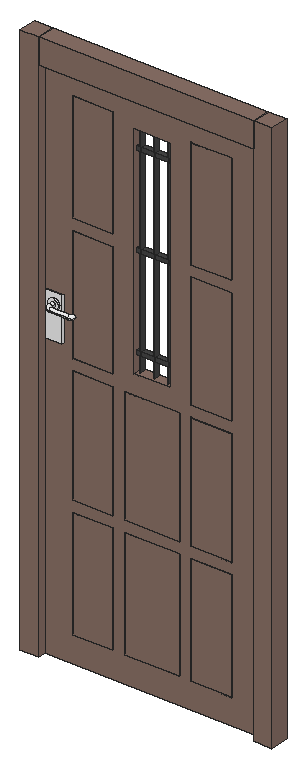
Revit family "DTI_A3-BSQTZMSOHS", category Doors, host Wall, Revit 2016 (continued)
Lines and regions (mm)
  model lines, style "Embossed carving"
    curve 2964: arc (-231.88, 35, 1526.26) -> (-229.476, 35, 1525.959) -> (-228.013, 35, 1524.028) r 3.118
    curve 2965: arc (-228.013, 35, 1524.028) -> (-227.651, 35, 1525.121) -> (-226.973, 35, 1526.053) r 3.748
  model lines, style "Embossed carving", not visible
    curve 46: arc (223.027, 35, 1907.002) -> (223.704, 35, 1907.934) -> (224.066, 35, 1909.028) r 3.748
    curve 47: arc (224.066, 35, 1909.028) -> (225.529, 35, 1907.096) -> (227.934, 35, 1906.795) r 3.118
    curve 48: arc (227.934, 35, 1906.795) -> (227.874, 35, 1905.323) -> (227.19, 35, 1904.018) r 3.36
    curve 49: arc (227.19, 35, 1904.018) -> (230.981, 35, 1902.707) -> (233.503, 35, 1905.828) r 3.491
    curve 50: arc (233.503, 35, 1905.828) -> (240.332, 35, 1903.642) -> (247.162, 35, 1905.828) r 11.764
    curve 51: arc (247.162, 35, 1905.828) -> (245.379, 35, 1903.524) -> (243.076, 35, 1901.741) r 11.531
    curve 52: arc (243.076, 35, 1901.741) -> (246.158, 35, 1900.751) -> (248.48, 35, 1898.494) r 7.098
    curve 53: arc (248.48, 35, 1898.494) -> (246.972, 35, 1895.731) -> (243.926, 35, 1894.936) r 3.966
    curve 54: arc (243.926, 35, 1894.936) -> (248.23, 35, 1886.02) -> (250.664, 35, 1876.423) r 49.267
    curve 55: arc (250.664, 35, 1876.423) -> (248.905, 35, 1866.202) -> (241.415, 35, 1859.028) r 16.574
    curve 56: arc (241.415, 35, 1859.028) -> (248.905, 35, 1851.853) -> (250.664, 35, 1841.632) r 16.574
    curve 57: arc (250.664, 35, 1841.632) -> (248.23, 35, 1832.035) -> (243.926, 35, 1823.119) r 49.267
    curve 58: arc (243.926, 35, 1823.119) -> (246.972, 35, 1822.324) -> (248.48, 35, 1819.561) r 3.966
    curve 59: arc (248.48, 35, 1819.561) -> (246.158, 35, 1817.305) -> (243.076, 35, 1816.314) r 7.098
    curve 60: arc (243.076, 35, 1816.314) -> (245.379, 35, 1814.531) -> (247.162, 35, 1812.227) r 11.531
    curve 61: arc (247.162, 35, 1812.227) -> (240.332, 35, 1814.413) -> (233.503, 35, 1812.227) r 11.764
    curve 62: arc (233.503, 35, 1812.227) -> (230.981, 35, 1815.348) -> (227.19, 35, 1814.038) r 3.491
    curve 63: arc (227.19, 35, 1814.038) -> (227.874, 35, 1812.733) -> (227.934, 35, 1811.26) r 3.36
    curve 64: arc (227.934, 35, 1811.26) -> (225.529, 35, 1810.959) -> (224.066, 35, 1809.028) r 3.118
    curve 65: arc (224.066, 35, 1809.028) -> (223.704, 35, 1810.121) -> (223.027, 35, 1811.053) r 3.748
    curve 66: arc (223.027, 35, 1907.002) -> (222.349, 35, 1907.934) -> (221.987, 35, 1909.028) r 3.748
    curve 67: arc (221.987, 35, 1909.028) -> (220.524, 35, 1907.096) -> (218.12, 35, 1906.795) r 3.118
    curve 68: arc (218.12, 35, 1906.795) -> (218.18, 35, 1905.323) -> (218.864, 35, 1904.018) r 3.36
    curve 69: arc (218.864, 35, 1904.018) -> (215.072, 35, 1902.707) -> (212.551, 35, 1905.828) r 3.491
    curve 70: arc (212.551, 35, 1905.828) -> (205.721, 35, 1903.642) -> (198.891, 35, 1905.828) r 11.764
    curve 71: arc (198.891, 35, 1905.828) -> (200.674, 35, 1903.524) -> (202.978, 35, 1901.741) r 11.531
    curve 72: arc (202.978, 35, 1901.741) -> (199.895, 35, 1900.751) -> (197.574, 35, 1898.494) r 7.098
    curve 73: arc (197.574, 35, 1898.494) -> (199.082, 35, 1895.731) -> (202.128, 35, 1894.936) r 3.966
    curve 74: arc (202.128, 35, 1894.936) -> (197.824, 35, 1886.02) -> (195.389, 35, 1876.423) r 49.267
    curve 75: arc (195.389, 35, 1876.423) -> (197.149, 35, 1866.202) -> (204.639, 35, 1859.028) r 16.574
    curve 76: arc (204.639, 35, 1859.028) -> (197.149, 35, 1851.853) -> (195.389, 35, 1841.632) r 16.574
    curve 77: arc (195.389, 35, 1841.632) -> (197.824, 35, 1832.035) -> (202.128, 35, 1823.119) r 49.267
    curve 78: arc (202.128, 35, 1823.119) -> (199.082, 35, 1822.324) -> (197.574, 35, 1819.561) r 3.966
    curve 79: arc (197.574, 35, 1819.561) -> (199.895, 35, 1817.305) -> (202.978, 35, 1816.314) r 7.098
    curve 80: arc (202.978, 35, 1816.314) -> (200.674, 35, 1814.531) -> (198.891, 35, 1812.227) r 11.531
    curve 81: arc (198.891, 35, 1812.227) -> (205.721, 35, 1814.413) -> (212.551, 35, 1812.227) r 11.764
    curve 82: arc (212.551, 35, 1812.227) -> (215.072, 35, 1815.348) -> (218.864, 35, 1814.038) r 3.491
    curve 83: arc (218.864, 35, 1814.038) -> (218.18, 35, 1812.733) -> (218.12, 35, 1811.26) r 3.36
    curve 84: arc (218.12, 35, 1811.26) -> (220.524, 35, 1810.959) -> (221.987, 35, 1809.028) r 3.118
    curve 85: arc (221.987, 35, 1809.028) -> (222.349, 35, 1810.121) -> (223.027, 35, 1811.053) r 3.748
    curve 1046: arc (223.027, -5, 1907.002) -> (223.704, -5, 1907.934) -> (224.066, -5, 1909.028) r 3.748
    curve 1047: arc (224.066, -5, 1909.028) -> (225.529, -5, 1907.096) -> (227.934, -5, 1906.795) r 3.118
    curve 1048: arc (227.934, -5, 1906.795) -> (227.874, -5, 1905.323) -> (227.19, -5, 1904.018) r 3.36
    curve 1049: arc (227.19, -5, 1904.018) -> (230.981, -5, 1902.707) -> (233.503, -5, 1905.828) r 3.491
    curve 1050: arc (233.503, -5, 1905.828) -> (240.332, -5, 1903.642) -> (247.162, -5, 1905.828) r 11.764
    curve 1051: arc (247.162, -5, 1905.828) -> (245.379, -5, 1903.524) -> (243.076, -5, 1901.741) r 11.531
    curve 1052: arc (243.076, -5, 1901.741) -> (246.158, -5, 1900.751) -> (248.48, -5, 1898.494) r 7.098
    curve 1053: arc (248.48, -5, 1898.494) -> (246.972, -5, 1895.731) -> (243.926, -5, 1894.936) r 3.966
    curve 1054: arc (243.926, -5, 1894.936) -> (248.23, -5, 1886.02) -> (250.664, -5, 1876.423) r 49.267
    curve 1055: arc (250.664, -5, 1876.423) -> (248.905, -5, 1866.202) -> (241.415, -5, 1859.028) r 16.574
    curve 1056: arc (241.415, -5, 1859.028) -> (248.905, -5, 1851.853) -> (250.664, -5, 1841.632) r 16.574
    curve 1057: arc (250.664, -5, 1841.632) -> (248.23, -5, 1832.035) -> (243.926, -5, 1823.119) r 49.267
    curve 1058: arc (243.926, -5, 1823.119) -> (246.972, -5, 1822.324) -> (248.48, -5, 1819.561) r 3.966
    curve 1059: arc (248.48, -5, 1819.561) -> (246.158, -5, 1817.305) -> (243.076, -5, 1816.314) r 7.098
    curve 1060: arc (243.076, -5, 1816.314) -> (245.379, -5, 1814.531) -> (247.162, -5, 1812.227) r 11.531
    curve 1061: arc (247.162, -5, 1812.227) -> (240.332, -5, 1814.413) -> (233.503, -5, 1812.227) r 11.764
    curve 1062: arc (233.503, -5, 1812.227) -> (230.981, -5, 1815.348) -> (227.19, -5, 1814.038) r 3.491
    curve 1063: arc (227.19, -5, 1814.038) -> (227.874, -5, 1812.733) -> (227.934, -5, 1811.26) r 3.36
    curve 1064: arc (227.934, -5, 1811.26) -> (225.529, -5, 1810.959) -> (224.066, -5, 1809.028) r 3.118
    curve 1065: arc (224.066, -5, 1809.028) -> (223.704, -5, 1810.121) -> (223.027, -5, 1811.053) r 3.748
    curve 1066: arc (223.027, -5, 1907.002) -> (222.349, -5, 1907.934) -> (221.987, -5, 1909.028) r 3.748
    curve 1067: arc (221.987, -5, 1909.028) -> (220.524, -5, 1907.096) -> (218.12, -5, 1906.795) r 3.118
    curve 1068: arc (218.12, -5, 1906.795) -> (218.18, -5, 1905.323) -> (218.864, -5, 1904.018) r 3.36
    curve 1069: arc (218.864, -5, 1904.018) -> (215.072, -5, 1902.707) -> (212.551, -5, 1905.828) r 3.491
    curve 1070: arc (212.551, -5, 1905.828) -> (205.721, -5, 1903.642) -> (198.891, -5, 1905.828) r 11.764
    curve 1071: arc (198.891, -5, 1905.828) -> (200.674, -5, 1903.524) -> (202.978, -5, 1901.741) r 11.531
    curve 1072: arc (202.978, -5, 1901.741) -> (199.895, -5, 1900.751) -> (197.574, -5, 1898.494) r 7.098
    curve 1073: arc (197.574, -5, 1898.494) -> (199.082, -5, 1895.731) -> (202.128, -5, 1894.936) r 3.966
    curve 1074: arc (202.128, -5, 1894.936) -> (197.824, -5, 1886.02) -> (195.389, -5, 1876.423) r 49.267
    curve 1075: arc (195.389, -5, 1876.423) -> (197.149, -5, 1866.202) -> (204.639, -5, 1859.028) r 16.574
    curve 1076: arc (204.639, -5, 1859.028) -> (197.149, -5, 1851.853) -> (195.389, -5, 1841.632) r 16.574
    curve 1077: arc (195.389, -5, 1841.632) -> (197.824, -5, 1832.035) -> (202.128, -5, 1823.119) r 49.267
    curve 1078: arc (202.128, -5, 1823.119) -> (199.082, -5, 1822.324) -> (197.574, -5, 1819.561) r 3.966
    curve 1079: arc (197.574, -5, 1819.561) -> (199.895, -5, 1817.305) -> (202.978, -5, 1816.314) r 7.098
    curve 1080: arc (202.978, -5, 1816.314) -> (200.674, -5, 1814.531) -> (198.891, -5, 1812.227) r 11.531
    curve 1081: arc (198.891, -5, 1812.227) -> (205.721, -5, 1814.413) -> (212.551, -5, 1812.227) r 11.764
    curve 1082: arc (212.551, -5, 1812.227) -> (215.072, -5, 1815.348) -> (218.864, -5, 1814.038) r 3.491
    curve 1083: arc (218.864, -5, 1814.038) -> (218.18, -5, 1812.733) -> (218.12, -5, 1811.26) r 3.36
    curve 1084: arc (218.12, -5, 1811.26) -> (220.524, -5, 1810.959) -> (221.987, -5, 1809.028) r 3.118
    curve 1085: arc (221.987, -5, 1809.028) -> (222.349, -5, 1810.121) -> (223.027, -5, 1811.053) r 3.748
    curve 1086: arc (223.027, 35, 1903.137) -> (223.704, 35, 1904.069) -> (224.066, 35, 1905.163) r 3.748
    curve 1087: arc (224.066, 35, 1905.163) -> (225.529, 35, 1903.231) -> (227.934, 35, 1902.93) r 3.118
    curve 1088: arc (227.934, 35, 1902.93) -> (227.874, 35, 1901.458) -> (227.19, 35, 1900.153) r 3.36
    curve 1089: arc (227.19, 35, 1900.153) -> (230.981, 35, 1898.842) -> (233.503, 35, 1901.963) r 3.491
    curve 1090: arc (233.503, 35, 1901.963) -> (240.332, 35, 1899.777) -> (247.162, 35, 1901.963) r 11.764
    curve 1091: arc (247.162, 35, 1901.963) -> (245.379, 35, 1899.66) -> (243.076, 35, 1897.877) r 11.531
    curve 1092: arc (243.076, 35, 1897.877) -> (246.158, 35, 1896.886) -> (248.48, 35, 1894.629) r 7.098
    curve 1093: arc (248.48, 35, 1894.629) -> (246.972, 35, 1891.866) -> (243.926, 35, 1891.072) r 3.966
    curve 1094: arc (243.926, 35, 1891.072) -> (248.23, 35, 1882.155) -> (250.664, 35, 1872.558) r 49.267
    curve 1095: arc (250.664, 35, 1872.558) -> (248.905, 35, 1862.337) -> (241.415, 35, 1855.163) r 16.574
    curve 1096: arc (241.415, 35, 1855.163) -> (248.905, 35, 1847.989) -> (250.664, 35, 1837.767) r 16.574
    curve 1097: arc (250.664, 35, 1837.767) -> (248.23, 35, 1828.17) -> (243.926, 35, 1819.254) r 49.267
    curve 1098: arc (243.926, 35, 1819.254) -> (246.972, 35, 1818.459) -> (248.48, 35, 1815.696) r 3.966
    curve 1099: arc (248.48, 35, 1815.696) -> (246.158, 35, 1813.44) -> (243.076, 35, 1812.449) r 7.098
    curve 1100: arc (243.076, 35, 1812.449) -> (245.379, 35, 1810.666) -> (247.162, 35, 1808.363) r 11.531
    curve 1101: arc (247.162, 35, 1808.363) -> (240.332, 35, 1810.548) -> (233.503, 35, 1808.363) r 11.764
    curve 1102: arc (233.503, 35, 1808.363) -> (230.981, 35, 1811.483) -> (227.19, 35, 1810.173) r 3.491
    curve 1103: arc (227.19, 35, 1810.173) -> (227.874, 35, 1808.868) -> (227.934, 35, 1807.396) r 3.36
    curve 1104: arc (227.934, 35, 1807.396) -> (225.529, 35, 1807.095) -> (224.066, 35, 1805.163) r 3.118
    curve 1105: arc (224.066, 35, 1805.163) -> (223.704, 35, 1806.257) -> (223.027, 35, 1807.189) r 3.748
    curve 1106: arc (223.027, 35, 1903.137) -> (222.349, 35, 1904.069) -> (221.987, 35, 1905.163) r 3.748
    curve 1107: arc (221.987, 35, 1905.163) -> (220.524, 35, 1903.231) -> (218.12, 35, 1902.93) r 3.118
    curve 1108: arc (218.12, 35, 1902.93) -> (218.18, 35, 1901.458) -> (218.864, 35, 1900.153) r 3.36
    curve 1109: arc (218.864, 35, 1900.153) -> (215.072, 35, 1898.842) -> (212.551, 35, 1901.963) r 3.491
    curve 1110: arc (212.551, 35, 1901.963) -> (205.721, 35, 1899.777) -> (198.891, 35, 1901.963) r 11.764
    curve 1111: arc (198.891, 35, 1901.963) -> (200.674, 35, 1899.66) -> (202.978, 35, 1897.877) r 11.531
    curve 1112: arc (202.978, 35, 1897.877) -> (199.895, 35, 1896.886) -> (197.574, 35, 1894.629) r 7.098
    curve 1113: arc (197.574, 35, 1894.629) -> (199.082, 35, 1891.866) -> (202.128, 35, 1891.072) r 3.966
    curve 1114: arc (202.128, 35, 1891.072) -> (197.824, 35, 1882.155) -> (195.389, 35, 1872.558) r 49.267
    curve 1115: arc (195.389, 35, 1872.558) -> (197.149, 35, 1862.337) -> (204.639, 35, 1855.163) r 16.574
    curve 1116: arc (204.639, 35, 1855.163) -> (197.149, 35, 1847.989) -> (195.389, 35, 1837.767) r 16.574
    curve 1117: arc (195.389, 35, 1837.767) -> (197.824, 35, 1828.17) -> (202.128, 35, 1819.254) r 49.267
    curve 1118: arc (202.128, 35, 1819.254) -> (199.082, 35, 1818.459) -> (197.574, 35, 1815.696) r 3.966
    curve 1119: arc (197.574, 35, 1815.696) -> (199.895, 35, 1813.44) -> (202.978, 35, 1812.449) r 7.098
    curve 1120: arc (202.978, 35, 1812.449) -> (200.674, 35, 1810.666) -> (198.891, 35, 1808.363) r 11.531
    curve 1121: arc (198.891, 35, 1808.363) -> (205.721, 35, 1810.548) -> (212.551, 35, 1808.363) r 11.764
    curve 1122: arc (212.551, 35, 1808.363) -> (215.072, 35, 1811.483) -> (218.864, 35, 1810.173) r 3.491
    curve 1123: arc (218.864, 35, 1810.173) -> (218.18, 35, 1808.868) -> (218.12, 35, 1807.396) r 3.36
    curve 1124: arc (218.12, 35, 1807.396) -> (220.524, 35, 1807.095) -> (221.987, 35, 1805.163) r 3.118
    curve 1125: arc (221.987, 35, 1805.163) -> (222.349, 35, 1806.257) -> (223.027, 35, 1807.189) r 3.748
Text (mm)
  text "Exterior" at (-2295.016, 1099.543, 0), in view "Ref. Level"
  text "Exterior" at (0, 1615.38, 3698.081), in view "Left"
  text "Exterior" at (0, 1036.032, 3874.932), in view "Right"
Dimensions and locks
  equal spacing: plane 3 "Left", plane 2 "Center (Left/Right)", plane 4 "Right"
  plane 3 "Left" to plane 4 "Right" = 953 mm
  locked: plane 6 "Exterior" to host wall at 0
  locked: plane 7 "Interior" to host wall
  equal spacing: plane 9 "Frame exterior", plane 1 "Centre (Front/Back)", plane 8 "Frame Interior"
  "Frame Depth": plane 9 "Frame exterior" to plane 8 "Frame Interior"
  "Frame Width": plane 10 to plane 5
  "Door Width": plane 12 to plane 11
  plane 9 "Frame exterior" to plane 8 "Frame Interior" = 70 mm
  "Frame Width": plane 11 to plane 4 "Right"
  "Frame Width": plane 3 "Left" to plane 12
  "Door Height": level to plane 10
  aligned and locked: plane 3 "Left" to Opening 1 sketch curve
  aligned and locked: plane 5 to Opening 1 sketch curve  (x2)
  aligned and locked: Opening 1 sketch curve to plane 4 "Right"
  aligned and locked: Opening 1 sketch curve to level
  aligned and locked: plane 1 "Centre (Front/Back)" to host wall
  aligned and locked: Extrusion 2 to host wall
  aligned and locked: Extrusion 1 to host wall
Automatic sketch dimensions
  Extrusion 1 sketch curve to plane 3 "Left" = 0 mm
  Extrusion 1 sketch curve to plane 9 "Frame exterior" = 0 mm
  Extrusion 1 sketch curve to plane 12 = 0 mm
  Extrusion 1 sketch curve to plane 8 "Frame Interior" = 0 mm
  Extrusion 2 sketch curve to plane 4 "Right" = 0 mm
  Extrusion 2 sketch curve to plane 9 "Frame exterior" = 0 mm
  Extrusion 2 sketch curve to plane 11 = 0 mm
  Extrusion 2 sketch curve to plane 8 "Frame Interior" = 0 mm
  plane 12 to curve 3 = 0 mm
  curve 4 to plane 10 = 0 mm
  plane 11 to curve 4 = 30 mm
  plane 11 to curve 3 = 30 mm
  level to curve 3 = 50 mm
  curve 2 to plane 8 "Frame Interior" = 0 mm
  curve 2 to plane 12 = 0 mm
  curve 2 to plane 11 = 0 mm
  curve 1 to plane 8 "Frame Interior" = 0 mm
  Extrusion 4 sketch curve to plane 10 = 0 mm
  Extrusion 4 sketch curve to level = 0 mm
  plane 11 to Extrusion 4 sketch curve = 0 mm
  plane 12 to Extrusion 4 sketch curve = 0 mm
  plane 10 to Extrusion 5 sketch curve = 135 mm
  plane 2 "Center (Left/Right)" to Extrusion 5 sketch curve = 70.5 mm
  Extrusion 5 sketch curve to plane 2 "Center (Left/Right)" = 70.5 mm
  plane 2 "Center (Left/Right)" to Extrusion 6 sketch curve = 70.5 mm
  Extrusion 6 sketch curve to Extrusion 6 sketch curve = 15 mm
  Extrusion 6 sketch curve to plane 2 "Center (Left/Right)" = 70.5 mm
  plane 2 "Center (Left/Right)" to Extrusion 7 sketch curve = 70.5 mm
  plane 10 to Extrusion 7 sketch curve = 196.92 mm
  Extrusion 7 sketch curve to Extrusion 7 sketch curve = 15 mm
  Extrusion 7 sketch curve to plane 2 "Center (Left/Right)" = 70.5 mm
  Extrusion 8 sketch curve to Extrusion 8 sketch curve = 15 mm
  plane 2 "Center (Left/Right)" to Extrusion 8 sketch curve = 70.5 mm
  Extrusion 8 sketch curve to plane 2 "Center (Left/Right)" = 70.5 mm
  plane 2 "Center (Left/Right)" to Extrusion 9 sketch curve = 50.5 mm
  plane 10 to Extrusion 9 sketch curve = 139.902 mm
  Extrusion 9 sketch curve to Extrusion 9 sketch curve = 5 mm
  Extrusion 10 sketch curve to plane 2 "Center (Left/Right)" = 2.5 mm
  plane 10 to Extrusion 10 sketch curve = 139.902 mm
  plane 2 "Center (Left/Right)" to Extrusion 10 sketch curve = 2.5 mm
  Extrusion 11 sketch curve to plane 2 "Center (Left/Right)" = 55.5 mm
  plane 10 to Extrusion 11 sketch curve = 139.902 mm
  Extrusion 11 sketch curve to Extrusion 11 sketch curve = 5 mm
  plane 10 to Extrusion 12 sketch curve = 105.125 mm
  Extrusion 12 sketch curve to Extrusion 12 sketch curve = 1.96 mm  (x3)
  plane 2 "Center (Left/Right)" to Extrusion 12 sketch curve = 147.49 mm
  Extrusion 12 sketch curve to Extrusion 12 sketch curve = 413.235 mm
  plane 11 to Extrusion 12 sketch curve = 106.026 mm
  Extrusion 12 sketch curve to Extrusion 12 sketch curve = 1.856 mm
  plane 10 to Extrusion 13 sketch curve = 105.125 mm
  Extrusion 13 sketch curve to Extrusion 13 sketch curve = 1.96 mm  (x3)
  Extrusion 13 sketch curve to plane 12 = 106.13 mm
  Extrusion 13 sketch curve to Extrusion 13 sketch curve = 413.235 mm
  Extrusion 13 sketch curve to plane 2 "Center (Left/Right)" = 147.386 mm
  Extrusion 13 sketch curve to Extrusion 13 sketch curve = 1.856 mm
  plane 2 "Center (Left/Right)" to Extrusion 14 sketch curve = 145.53 mm
  Extrusion 14 sketch curve to Extrusion 14 sketch curve = 1.96 mm  (x3)
  plane 11 to Extrusion 14 sketch curve = 106.026 mm
  Extrusion 14 sketch curve to Extrusion 14 sketch curve = 1.856 mm
  Extrusion 15 sketch curve to plane 12 = 104.17 mm
  Extrusion 15 sketch curve to Extrusion 15 sketch curve = 1.96 mm  (x3)
  Extrusion 15 sketch curve to plane 2 "Center (Left/Right)" = 147.386 mm
  Extrusion 15 sketch curve to Extrusion 15 sketch curve = 1.856 mm
  Extrusion 16 sketch curve to Extrusion 16 sketch curve = 1.96 mm  (x3)
  Extrusion 16 sketch curve to plane 12 = 106.13 mm
  Extrusion 16 sketch curve to Extrusion 16 sketch curve = 435.235 mm
  Extrusion 16 sketch curve to plane 2 "Center (Left/Right)" = 147.386 mm
  Extrusion 16 sketch curve to Extrusion 16 sketch curve = 1.856 mm
  Extrusion 17 sketch curve to Extrusion 17 sketch curve = 1.96 mm  (x3)
  plane 2 "Center (Left/Right)" to Extrusion 17 sketch curve = 147.49 mm
  Extrusion 17 sketch curve to Extrusion 17 sketch curve = 435.235 mm
  plane 11 to Extrusion 17 sketch curve = 106.026 mm
  Extrusion 17 sketch curve to Extrusion 17 sketch curve = 1.856 mm
  Extrusion 18 sketch curve to Extrusion 18 sketch curve = 1.96 mm  (x4)
  Extrusion 18 sketch curve to plane 2 "Center (Left/Right)" = 103.57 mm
  Extrusion 18 sketch curve to Extrusion 18 sketch curve = 435.235 mm
  plane 2 "Center (Left/Right)" to Extrusion 18 sketch curve = 103.57 mm
  plane 2 "Center (Left/Right)" to Extrusion 19 sketch curve = 145.53 mm
  level to Extrusion 19 sketch curve = 515.409 mm
  Extrusion 19 sketch curve to Extrusion 19 sketch curve = 1.96 mm  (x3)
  level to Extrusion 19 sketch curve = 100.214 mm
  plane 11 to Extrusion 19 sketch curve = 106.026 mm
  Extrusion 19 sketch curve to Extrusion 19 sketch curve = 1.856 mm
  Extrusion 20 sketch curve to plane 12 = 104.17 mm
  level to Extrusion 20 sketch curve = 515.409 mm
  Extrusion 20 sketch curve to Extrusion 20 sketch curve = 1.96 mm  (x3)
  level to Extrusion 20 sketch curve = 100.214 mm
  Extrusion 20 sketch curve to plane 2 "Center (Left/Right)" = 147.386 mm
  Extrusion 20 sketch curve to Extrusion 20 sketch curve = 1.856 mm
  Extrusion 21 sketch curve to plane 2 "Center (Left/Right)" = 105.53 mm
  level to Extrusion 21 sketch curve = 515.409 mm
  Extrusion 21 sketch curve to Extrusion 21 sketch curve = 1.96 mm  (x4)
  level to Extrusion 21 sketch curve = 100.214 mm
  plane 2 "Center (Left/Right)" to Extrusion 21 sketch curve = 103.57 mm
  plane 11 to Extrusion 22 sketch curve = 104.17 mm
  Extrusion 22 sketch curve to Extrusion 22 sketch curve = 1.856 mm
  plane 2 "Center (Left/Right)" to Extrusion 22 sketch curve = 147.49 mm
  Extrusion 22 sketch curve to Extrusion 22 sketch curve = 1.96 mm  (x3)
  plane 10 to Extrusion 22 sketch curve = 107.085 mm
  Extrusion 23 sketch curve to plane 2 "Center (Left/Right)" = 145.53 mm
  Extrusion 23 sketch curve to Extrusion 23 sketch curve = 1.856 mm
  Extrusion 23 sketch curve to plane 12 = 106.13 mm
  Extrusion 23 sketch curve to Extrusion 23 sketch curve = 1.96 mm  (x3)
  plane 10 to Extrusion 23 sketch curve = 107.085 mm
  plane 11 to Extrusion 24 sketch curve = 104.17 mm
  Extrusion 24 sketch curve to Extrusion 24 sketch curve = 1.856 mm
  plane 2 "Center (Left/Right)" to Extrusion 24 sketch curve = 147.49 mm
  Extrusion 24 sketch curve to Extrusion 24 sketch curve = 1.96 mm  (x3)
  Extrusion 25 sketch curve to plane 2 "Center (Left/Right)" = 145.53 mm
  Extrusion 25 sketch curve to Extrusion 25 sketch curve = 1.856 mm
  Extrusion 25 sketch curve to plane 12 = 106.13 mm
  Extrusion 25 sketch curve to Extrusion 25 sketch curve = 1.96 mm  (x3)
  Extrusion 26 sketch curve to plane 2 "Center (Left/Right)" = 145.53 mm
  Extrusion 26 sketch curve to Extrusion 26 sketch curve = 1.856 mm
  Extrusion 26 sketch curve to plane 12 = 106.13 mm
  Extrusion 26 sketch curve to Extrusion 26 sketch curve = 1.96 mm  (x3)
  plane 11 to Extrusion 27 sketch curve = 104.17 mm
  Extrusion 27 sketch curve to Extrusion 27 sketch curve = 1.856 mm
  plane 2 "Center (Left/Right)" to Extrusion 27 sketch curve = 147.49 mm
  Extrusion 27 sketch curve to Extrusion 27 sketch curve = 1.96 mm  (x3)
  plane 2 "Center (Left/Right)" to Extrusion 28 sketch curve = 105.53 mm
  Extrusion 28 sketch curve to Extrusion 28 sketch curve = 1.96 mm  (x4)
  Extrusion 28 sketch curve to plane 2 "Center (Left/Right)" = 103.57 mm
  plane 11 to Extrusion 29 sketch curve = 104.17 mm
  Extrusion 29 sketch curve to Extrusion 29 sketch curve = 1.856 mm
  plane 2 "Center (Left/Right)" to Extrusion 29 sketch curve = 147.49 mm
  Extrusion 29 sketch curve to Extrusion 29 sketch curve = 1.96 mm  (x3)
  level to Extrusion 29 sketch curve = 98.254 mm
  Extrusion 29 sketch curve to Extrusion 29 sketch curve = 413.235 mm
  Extrusion 30 sketch curve to plane 2 "Center (Left/Right)" = 145.53 mm
  Extrusion 30 sketch curve to Extrusion 30 sketch curve = 1.856 mm
  Extrusion 30 sketch curve to plane 12 = 106.13 mm
  Extrusion 30 sketch curve to Extrusion 30 sketch curve = 1.96 mm  (x3)
  level to Extrusion 30 sketch curve = 98.254 mm
  Extrusion 30 sketch curve to Extrusion 30 sketch curve = 413.235 mm
  plane 2 "Center (Left/Right)" to Extrusion 31 sketch curve = 105.53 mm
  Extrusion 31 sketch curve to Extrusion 31 sketch curve = 1.96 mm  (x4)
  Extrusion 31 sketch curve to plane 2 "Center (Left/Right)" = 103.57 mm
  level to Extrusion 31 sketch curve = 98.254 mm
  Extrusion 31 sketch curve to Extrusion 31 sketch curve = 413.235 mm
  level to curve 4 = 1016 mm
  Extrusion 5 sketch curve to Extrusion 5 sketch curve = 831.572 mm
  plane 10 to Extrusion 6 sketch curve = 543.286 mm
  plane 10 to Extrusion 8 sketch curve = 889.652 mm
  Extrusion 9 sketch curve to Extrusion 9 sketch curve = 822.302 mm
  Extrusion 10 sketch curve to Extrusion 10 sketch curve = 822.302 mm
  Extrusion 11 sketch curve to Extrusion 11 sketch curve = 822.302 mm
  plane 10 to Extrusion 14 sketch curve = 562.28 mm
  Extrusion 14 sketch curve to Extrusion 14 sketch curve = 431.235 mm
  plane 10 to Extrusion 15 sketch curve = 562.28 mm
  Extrusion 15 sketch curve to Extrusion 15 sketch curve = 431.235 mm
  level to Extrusion 16 sketch curve = 994.564 mm
  level to Extrusion 17 sketch curve = 994.564 mm
  level to Extrusion 18 sketch curve = 994.564 mm
  Extrusion 22 sketch curve to Extrusion 22 sketch curve = 413.235 mm
  Extrusion 23 sketch curve to Extrusion 23 sketch curve = 413.235 mm
  plane 10 to Extrusion 24 sketch curve = 997.436 mm
  Extrusion 24 sketch curve to Extrusion 24 sketch curve = 431.235 mm
  plane 10 to Extrusion 25 sketch curve = 997.436 mm
  Extrusion 25 sketch curve to Extrusion 25 sketch curve = 431.235 mm
  level to Extrusion 26 sketch curve = 555.409 mm
  Extrusion 26 sketch curve to Extrusion 26 sketch curve = 435.235 mm
  level to Extrusion 27 sketch curve = 555.409 mm
  Extrusion 27 sketch curve to Extrusion 27 sketch curve = 435.235 mm
  level to Extrusion 28 sketch curve = 555.409 mm
  Extrusion 28 sketch curve to Extrusion 28 sketch curve = 435.235 mm
  plane 5 to Extrusion 3 sketch curve = 0 mm
  Extrusion 3 sketch curve to plane 8 "Frame Interior" = 0 mm
  Extrusion 3 sketch curve to plane 14 "Door Face Interior" = 0 mm
  Extrusion 3 sketch curve to plane 9 "Frame exterior" = 0 mm
  plane 10 to Extrusion 3 sketch curve = 0 mm
  Extrusion 3 sketch curve to Extrusion 3 sketch curve = 25 mm
  plane 11 to curve 14 = 155.836 mm
  curve 16 to curve 14 = 0 mm
  curve 14 to curve 13 = 2.184 mm
  curve 17 to curve 19 = 2.184 mm
  curve 12 to curve 11 = 1.318 mm
  curve 19 to curve 21 = 1.318 mm
  curve 18 to curve 18 = 3.95 mm
  curve 13 to curve 13 = 3.95 mm
  curve 14 to curve 34 = 6.544 mm
  curve 16 to curve 37 = 6.544 mm
  curve 18 to curve 18 = 0.604 mm
  curve 13 to curve 14 = 0.604 mm
  curve 13 to curve 11 = 1.454 mm
  curve 18 to curve 19 = 1.454 mm
  curve 13 to curve 12 = 1.424 mm
  curve 17 to curve 19 = 1.424 mm
  curve 34 to curve 15 = 2.705 mm
  curve 11 to curve 10 = 6.83 mm
  curve 21 to curve 21 = 6.83 mm
  curve 10 to curve 11 = 3.107 mm
  curve 21 to curve 20 = 3.107 mm
  curve 34 to curve 15 = 9.849 mm
  curve 37 to curve 16 = 9.849 mm
  curve 11 to curve 10 = 3.723 mm
  curve 20 to curve 22 = 3.723 mm
  curve 9 to curve 9 = 3.483 mm
  curve 9 to curve 7 = 2.085 mm
  curve 22 to curve 23 = 2.085 mm
  curve 23 to curve 23 = 0.744 mm
  curve 8 to curve 8 = 0.744 mm
  curve 24 to curve 24 = 0.845 mm
  curve 7 to curve 7 = 0.845 mm
  curve 7 to curve 26 = 1.405 mm
  curve 24 to curve 45 = 1.405 mm
  curve 7 to curve 8 = 3.306 mm
  curve 26 to curve 6 = 1.617 mm  (x2)
  curve 45 to curve 24 = 1.617 mm
  curve 8 to curve 6 = 1.601 mm
  curve 23 to curve 25 = 1.601 mm
  curve 25 to curve 45 = 2.08 mm
  curve 7 to curve 27 = 2.08 mm
  curve 25 to curve 43 = 1.601 mm
  curve 26 to curve 28 = 1.601 mm
  curve 44 to curve 25 = 1.617 mm
  curve 6 to curve 27 = 1.405 mm
  curve 25 to curve 44 = 1.405 mm
  curve 28 to curve 29 = 2.562 mm
  curve 43 to curve 43 = 2.562 mm
  curve 43 to curve 44 = 0.744 mm
  curve 29 to curve 27 = 0.744 mm
  curve 44 to curve 42 = 2.085 mm
  curve 28 to curve 29 = 2.085 mm
  curve 42 to curve 42 = 3.483 mm
  curve 29 to curve 29 = 3.483 mm
  curve 30 to curve 31 = 3.723 mm
  curve 41 to curve 40 = 3.723 mm
  curve 31 to curve 30 = 3.107 mm
  curve 40 to curve 41 = 3.107 mm
  curve 35 to curve 35 = 7.144 mm
  curve 29 to curve 32 = 9 mm
  curve 39 to curve 39 = 0.574 mm
  curve 32 to curve 31 = 0.574 mm
  curve 32 to curve 33 = 1.424 mm
  curve 39 to curve 37 = 1.424 mm
  curve 36 to curve 17 = 2.705 mm
  curve 35 to curve 14 = 2.705 mm
  curve 40 to curve 38 = 1.454 mm
  curve 32 to curve 33 = 1.454 mm
  curve 39 to curve 41 = 4.086 mm
  curve 31 to curve 31 = 4.086 mm
  curve 33 to curve 32 = 3.95 mm
  curve 38 to curve 38 = 3.95 mm
  curve 17 to curve 36 = 6.544 mm
  curve 14 to curve 35 = 6.544 mm
  plane 10 to curve 41 = 229.351 mm
  curve 21 to curve 41 = 0 mm
  curve 21 to curve 20 = 3.728 mm
  curve 41 to curve 40 = 3.728 mm
  curve 40 to curve 44 = 1.882 mm
  curve 24 to curve 44 = 0 mm
  curve 24 to curve 45 = 0.151 mm
  curve 44 to curve 25 = 0.151 mm
  curve 25 to curve 45 = 0.617 mm
  curve 45 to curve 25 = 0.617 mm
  curve 45 to curve 23 = 0.809 mm
  curve 25 to curve 43 = 0.809 mm
  curve 44 to curve 42 = 0.732 mm
  curve 24 to curve 22 = 0.732 mm
  curve 40 to curve 40 = 5.85 mm
  curve 22 to curve 21 = 0.235 mm
  curve 19 to curve 18 = 2.885 mm
  curve 40 to curve 38 = 2.885 mm
  curve 38 to curve 38 = 0.362 mm
  curve 18 to curve 18 = 0.362 mm
  curve 17 to curve 37 = 7.253 mm
  curve 36 to curve 37 = 0 mm
  curve 16 to curve 17 = 0 mm
  curve 36 to curve 17 = 4.813 mm
  curve 16 to curve 37 = 4.813 mm
  curve 14 to curve 35 = 4.813 mm
  curve 34 to curve 15 = 4.813 mm
  curve 14 to curve 15 = 0 mm
  curve 34 to curve 35 = 0 mm
  curve 12 to curve 14 = 0.27 mm
  curve 32 to curve 34 = 0.27 mm
  curve 34 to curve 33 = 3.558 mm
  curve 14 to curve 13 = 3.558 mm
  curve 32 to curve 29 = 2.276 mm
  curve 9 to curve 28 = 0 mm
  curve 31 to curve 30 = 4.086 mm
  curve 11 to curve 11 = 4.086 mm
  curve 9 to curve 9 = 1.81 mm
  curve 8 to curve 8 = 2.175 mm
  curve 28 to curve 8 = 0 mm
  curve 28 to curve 26 = 0.809 mm
  curve 26 to curve 26 = 2.026 mm
  curve 6 to curve 26 = 0.617 mm
  curve 11 to curve 10 = 3.728 mm
  curve 31 to curve 30 = 3.728 mm
  curve 1137 to curve 21 = 10.332 mm
  curve 1136 to curve 1135 = 0 mm
  curve 1137 to curve 1139 = 2.184 mm
  curve 1134 to curve 1132 = 2.184 mm
  curve 1139 to curve 1141 = 1.318 mm
  curve 1132 to curve 1130 = 1.318 mm
  curve 1138 to curve 1138 = 3.95 mm
  curve 1133 to curve 1133 = 3.95 mm
  curve 1136 to curve 1157 = 6.544 mm
  curve 1134 to curve 1154 = 6.544 mm  (x2)
  curve 1138 to curve 1138 = 0.604 mm
  curve 1133 to curve 1134 = 0.604 mm
  curve 1133 to curve 1132 = 1.454 mm
  curve 1138 to curve 1140 = 1.454 mm
  curve 1137 to curve 1139 = 1.424 mm
  curve 1134 to curve 1132 = 1.424 mm
  curve 1154 to curve 1135 = 2.705 mm
  curve 1130 to curve 1131 = 3.107 mm
  curve 1141 to curve 1140 = 3.107 mm
  curve 1154 to curve 1135 = 9.849 mm
  curve 1157 to curve 1136 = 9.849 mm
  curve 1140 to curve 1142 = 3.723 mm
  curve 1131 to curve 1129 = 3.723 mm
  curve 1129 to curve 1129 = 3.483 mm
  curve 1142 to curve 1142 = 3.483 mm
  curve 1129 to curve 1127 = 2.085 mm
  curve 1142 to curve 1144 = 2.085 mm
  curve 1143 to curve 1142 = 0.744 mm
  curve 1128 to curve 1128 = 0.744 mm
  curve 1143 to curve 1144 = 0.845 mm
  curve 1127 to curve 1127 = 0.845 mm
  curve 1127 to curve 1146 = 1.405 mm
  curve 1144 to curve 1165 = 1.405 mm
  curve 1142 to curve 1143 = 2.562 mm
  curve 1146 to curve 1127 = 1.617 mm
  curve 1165 to curve 1145 = 1.617 mm
  curve 1143 to curve 1145 = 1.601 mm
  curve 1128 to curve 1146 = 1.601 mm
  curve 1127 to curve 1147 = 2.08 mm
  curve 1145 to curve 1164 = 2.08 mm
  curve 1146 to curve 1148 = 1.601 mm
  curve 1145 to curve 1163 = 1.601 mm
  curve 1164 to curve 1145 = 1.617 mm
  curve 1146 to curve 1126 = 1.617 mm
  curve 1126 to curve 1147 = 1.405 mm
  curve 1145 to curve 1164 = 1.405 mm
  curve 1148 to curve 1148 = 2.562 mm
  curve 1163 to curve 1163 = 2.562 mm
  curve 1163 to curve 1163 = 0.744 mm
  curve 1149 to curve 1148 = 0.744 mm
  curve 1148 to curve 1149 = 2.085 mm
  curve 1164 to curve 1162 = 2.085 mm
  curve 1149 to curve 1149 = 3.483 mm
  curve 1162 to curve 1161 = 3.483 mm
  curve 1150 to curve 1151 = 3.723 mm
  curve 1161 to curve 1160 = 3.723 mm
  curve 1160 to curve 1161 = 3.107 mm
  curve 1151 to curve 1150 = 3.107 mm
  curve 1155 to curve 1156 = 7.144 mm
  curve 1161 to curve 1159 = 9 mm
  curve 1149 to curve 1152 = 9 mm
  curve 1159 to curve 1159 = 0.574 mm
  curve 1152 to curve 1151 = 0.574 mm
  curve 1159 to curve 1157 = 1.424 mm
  curve 1152 to curve 1153 = 1.424 mm
  curve 1155 to curve 1137 = 2.705 mm
  curve 1155 to curve 1134 = 2.705 mm
  curve 1152 to curve 1153 = 1.454 mm
  curve 1160 to curve 1158 = 1.454 mm
  curve 1151 to curve 1151 = 4.086 mm
  curve 1159 to curve 1161 = 4.086 mm
  curve 1158 to curve 1158 = 3.95 mm
  curve 1153 to curve 1153 = 3.95 mm
  curve 1137 to curve 1157 = 6.544 mm
  curve 1130 to curve 21 = 26.982 mm
  curve 1151 to curve 1150 = 3.728 mm
  curve 1131 to curve 1130 = 3.728 mm
  curve 1127 to curve 1131 = 1.882 mm
  curve 1147 to curve 1127 = 0 mm
  curve 1126 to curve 1147 = 0.151 mm
  curve 1146 to curve 1127 = 0.151 mm
  curve 1146 to curve 1126 = 0.617 mm
  curve 1126 to curve 1146 = 0.617 mm
  curve 1128 to curve 1126 = 0.809 mm
  curve 1148 to curve 1146 = 0.809 mm
  curve 1149 to curve 1148 = 0.732 mm
  curve 1129 to curve 1128 = 0.732 mm
  curve 1130 to curve 1131 = 5.85 mm
  curve 1151 to curve 1151 = 5.85 mm
  curve 1153 to curve 1152 = 2.885 mm
  curve 1133 to curve 1131 = 2.885 mm
  curve 1132 to curve 1133 = 0.362 mm
  curve 1153 to curve 1153 = 0.362 mm
  curve 1154 to curve 1155 = 0 mm
  curve 1134 to curve 1135 = 0 mm
  curve 1134 to curve 1155 = 4.813 mm
  curve 1154 to curve 1135 = 4.813 mm
  curve 1157 to curve 1136 = 10.142 mm
  curve 1137 to curve 1155 = 10.142 mm
  curve 1136 to curve 1157 = 4.813 mm
  curve 1156 to curve 1137 = 4.813 mm
  curve 1157 to curve 1156 = 0 mm
  curve 1137 to curve 1136 = 0 mm
  curve 1157 to curve 1159 = 0.27 mm
  curve 1137 to curve 1139 = 0.27 mm
  curve 1138 to curve 1137 = 3.558 mm
  curve 1159 to curve 1157 = 3.558 mm
  curve 1142 to curve 1139 = 2.276 mm
  curve 1163 to curve 1142 = 0 mm
  curve 1161 to curve 1159 = 4.086 mm
  curve 1142 to curve 1143 = 1.81 mm
  curve 1140 to curve 1140 = 4.086 mm
  curve 1143 to curve 1142 = 2.175 mm
  curve 1163 to curve 1143 = 0 mm
  curve 1165 to curve 1143 = 0.809 mm
  curve 1164 to curve 1145 = 2.026 mm
  curve 1144 to curve 1164 = 0 mm
  curve 1161 to curve 1160 = 3.728 mm
  curve 1141 to curve 1140 = 3.728 mm
Nested families
  nested 1: "Handle Domestic (1)" at (-431.5, 35, 1200), type "Handle Domestic (1)"
  nested 2: "Handle Domestic (1)" at (-431.5, -5, 1200), type "Handle Domestic (1)"
Definition of nested family "Handle Domestic (1)"
  Parameters
    Manufacturer = "Revit"
    Material Ironmongery = none
    Handle Z Distance = 0 mm
    Handle X Distance = 65 mm
    Function = (empty or 0)
  Reference planes
    plane 1 "Center (Front/Back)": y = 0
    plane 2: z = 0
    plane 3 "Center (Left/Right)": x = 0
    plane 4: z = 0
    plane 5: x = 65
  Forms (mm)
    Extrusion 1, solid, material <- "Material Ironmongery", detail levels medium+fine
      sketch origin (0, 0, 0) x (1, 0, 0) y (0, 0, 1)
        loop
          line (35, 40) -> (35, -125) -> (95, -125) -> (95, 40) -> (35, 40)
      from 0 to -6
    Sweep 2, solid, material <- "Material Ironmongery", detail levels medium+fine
      path origin (0, 0, 0) x (0, -1, 0) y (1, 0, 0)
        loop
          line (-10.593, 65) -> (-26, 65)
          arc (-26, 65) -> (-36.607, 69.393) -> (-41, 80) r 15
          line (-41, 80) -> (-41, 152)
          arc (-41, 152) -> (-38.657, 157.657) -> (-33, 160) r 8
      profile origin (0, 18.296, 0) x (-1, 0, 0) y (0, 0, 1)
        loop
          circle (-65, 0) r 7
    Extrusion 3, solid, material <- "Material Ironmongery", detail levels medium+fine
      sketch origin (0, 0, 0) x (1, 0, 0) y (0, 0, 1)
        loop
          circle (65, 0) r 20
      from -6 to -10.593
  Dimensions and locks
    "Handle Z Distance": plane 4 to level
    "Handle X Distance": plane 5 to plane 3 "Center (Left/Right)"
    aligned and locked: Extrusion 1 to Extrusion 3
    aligned and locked: Extrusion 3 to Sweep 2 sketch curve
  Automatic sketch dimensions
    Sweep 2 sketch curve to plane 4 = 0 mm
    Sweep 2 sketch curve to profile plane = 0 mm
    Extrusion 3 sketch curve to plane 4 = 0 mm
    Extrusion 3 sketch curve to plane 5 = 0 mm
    Sweep 2 sketch curve to plane 5 = 0 mm
    Sweep 2 sketch curve to plane 1 "Center (Front/Back)" = 41 mm
    Sweep 2 sketch curve to Sweep 2 sketch curve = 8 mm
    Sweep 2 sketch curve to Sweep 2 sketch curve = 15 mm
    Sweep 2 sketch curve to Sweep 2 sketch curve = 72 mm
    plane 5 to Extrusion 1 sketch curve = 30 mm
    Extrusion 1 sketch curve to plane 5 = 30 mm
    plane 4 to Extrusion 1 sketch curve = 125 mm
    Extrusion 1 sketch curve to plane 4 = 40 mm
    radius of Sweep 2 sketch curve = 7 mm
    radius of Extrusion 3 sketch curve = 20 mm
